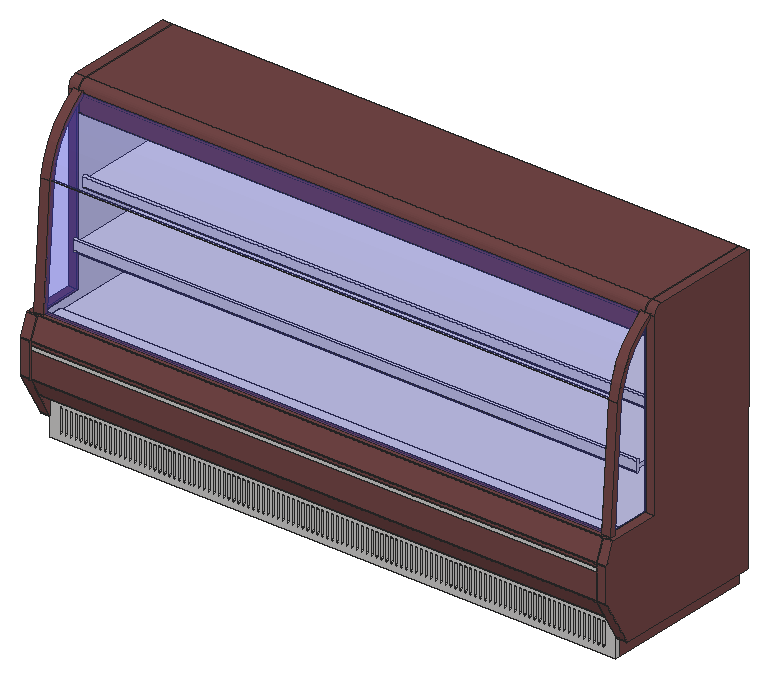
Revit family "QF_Turbo Air_TCDD-96-4-H", category Specialty Equipment, Revit 2014 (continued)
Dimensions and locks (in)
  aligned and locked: plane 13 "Door Left" to Extrusion 26 sketch curve
  aligned and locked: Extrusion 26 sketch curve to plane 17 "Door Top"
  aligned and locked: plane 18 "Door Bottom" to Extrusion 26 sketch curve
  aligned and locked: Extrusion 27 sketch curve to Extrusion 26  (x4)
  aligned and locked: Extrusion 28 sketch curve to plane 14 "Door Right"
  aligned and locked: Extrusion 28 sketch curve to plane 17 "Door Top"
  aligned and locked: plane 18 "Door Bottom" to Extrusion 28 sketch curve
  aligned and locked: Extrusion 29 sketch curve to Extrusion 28  (x4)
  aligned and locked: plane 3 "LEFT" to curve 2
  aligned and locked: plane 9 "BACK" to curve 1
  aligned and locked: curve 4 to plane 4 "RIGHT"
  aligned and locked: curve 3 to plane 5 "FRONT"
  aligned and locked: curve 5 to Extrusion 7
  aligned and locked: curve 7 to Extrusion 3
  aligned and locked: curve 8 to Extrusion 3
  aligned and locked: curve 13 to Extrusion 4
  aligned and locked: curve 14 to Extrusion 4
  aligned and locked: plane 8 "Inside Right" to cut or joined group of Extrusion 10, Extrusion 11
Automatic sketch dimensions
  Extrusion 7 sketch curve to Extrusion 7 sketch curve = 0' - 0"  (x3)
  Extrusion 7 sketch curve to plane 12 "TOP" = 0' - 0"
  Extrusion 7 sketch curve to plane 17 "Door Top" = 0' - 0"
  Extrusion 7 sketch curve to plane 18 "Door Bottom" = 0' - 0"
  Extrusion 7 sketch curve to plane 9 "BACK" = 0' - 0"  (x2)
  Extrusion 7 sketch curve to Extrusion 7 sketch curve = 0' - 2 3/8"
  Extrusion 7 sketch curve to plane 12 "TOP" = 0' - 0 3/4"
  plane 9 "BACK" to Extrusion 7 sketch curve = 0' - 2 3/8"
  Extrusion 7 sketch curve to Extrusion 7 sketch curve = 0' - 1.15244"
  Extrusion 7 sketch curve to Extrusion 7 sketch curve = 0' - 0.22256"
  Extrusion 7 sketch curve to plane 11 "Inside Bottom" = 0' - 6 13/16"
  Extrusion 7 sketch curve to plane 17 "Door Top" = 0' - 1 1/16"
  plane 9 "BACK" to Extrusion 9 sketch curve = 0' - 0 1/4"
  Extrusion 9 sketch curve to plane 8 "Inside Right" = 0' - 0 1/4"
  plane 7 "Inside Left" to Extrusion 9 sketch curve = 0' - 0 1/4"
  Extrusion 12 sketch curve to plane 17 "Door Top" = 0' - 0"
  Extrusion 12 sketch curve to plane 18 "Door Bottom" = 0' - 0"
  Extrusion 12 sketch curve to plane 9 "BACK" = 0' - 0"
  plane 9 "BACK" to Extrusion 12 sketch curve = 0' - 2 3/8"
  Extrusion 13 sketch curve to plane 17 "Door Top" = 0' - 0"
  Extrusion 13 sketch curve to plane 18 "Door Bottom" = 0' - 0"
  Extrusion 13 sketch curve to plane 9 "BACK" = 0' - 0"
  plane 9 "BACK" to Extrusion 13 sketch curve = 0' - 2 3/8"
  Extrusion 18 sketch curve to plane 11 "Inside Bottom" = 0' - 0"
  plane 9 "BACK" to Extrusion 18 sketch curve = 0' - 5 1/8"
  Extrusion 18 sketch curve to plane 12 "TOP" = 0' - 0 3/4"
  plane 9 "BACK" to Extrusion 18 sketch curve = 0' - 2 3/8"
  Extrusion 19 sketch curve to plane 11 "Inside Bottom" = 0' - 0"
  plane 9 "BACK" to Extrusion 19 sketch curve = 0' - 5 1/8"
  Extrusion 19 sketch curve to plane 12 "TOP" = 0' - 0 3/4"
  plane 9 "BACK" to Extrusion 19 sketch curve = 0' - 2 3/8"
  Extrusion 20 sketch curve to plane 18 "Door Bottom" = 0' - 0"
  Extrusion 20 sketch curve to plane 17 "Door Top" = 0' - 0"
  Extrusion 20 sketch curve to plane 11 "Inside Bottom" = 0' - 0"
  Extrusion 20 sketch curve to plane 12 "TOP" = 0' - 0 3/4"
  plane 9 "BACK" to Extrusion 20 sketch curve = 0' - 5 1/8"  (x2)
  plane 9 "BACK" to Extrusion 20 sketch curve = 0' - 2 3/8"  (x2)
  Extrusion 21 sketch curve to plane 12 "TOP" = 0' - 1 3/4"
  Extrusion 21 sketch curve to Extrusion 21 sketch curve = 0' - 0.22256"
  Extrusion 21 sketch curve to Extrusion 21 sketch curve = 0' - 1.15244"
  Extrusion 21 sketch curve to Extrusion 21 sketch curve = 0' - 0 1/8"
  plane 17 "Door Top" to Extrusion 21 sketch curve = 0' - 0 13/16"
  plane 9 "BACK" to Extrusion 21 sketch curve = 0' - 5 1/8"
  Extrusion 21 sketch curve to Extrusion 21 sketch curve = 0' - 0 1/4"
  Extrusion 22 sketch curve to plane 10 "Panel Lower" = 0' - 0"
  Extrusion 22 sketch curve to plane 11 "Inside Bottom" = 0' - 0"  (x3)
  Extrusion 22 sketch curve to plane 18 "Door Bottom" = 0' - 0 1/16"
  Extrusion 22 sketch curve to Extrusion 22 sketch curve = 0' - 0 1/16"  (x3)
  Extrusion 22 sketch curve to Extrusion 22 sketch curve = 0' - 3 13/16"
  plane 17 "Door Top" to Extrusion 22 sketch curve = 0' - 0 13/16"
  Extrusion 22 sketch curve to Extrusion 22 sketch curve = 0' - 1 1/2"  (x2)
  Extrusion 22 sketch curve to plane 18 "Door Bottom" = 0' - 0 3/8"  (x2)
  plane 9 "BACK" to Extrusion 22 sketch curve = 0' - 6 3/4"
  plane 9 "BACK" to Extrusion 22 sketch curve = 0' - 5 1/8"
  Extrusion 22 sketch curve to plane 17 "Door Top" = 0' - 1 1/16"
  Extrusion 22 sketch curve to plane 12 "TOP" = 0' - 1 3/4"
  Extrusion 23 sketch curve to plane 10 "Panel Lower" = 0' - 0"
  Extrusion 23 sketch curve to plane 11 "Inside Bottom" = 0' - 0"  (x3)
  Extrusion 23 sketch curve to plane 18 "Door Bottom" = 0' - 0 1/16"
  Extrusion 23 sketch curve to Extrusion 23 sketch curve = 0' - 0 1/16"  (x3)
  Extrusion 23 sketch curve to Extrusion 23 sketch curve = 0' - 3 13/16"
  plane 17 "Door Top" to Extrusion 23 sketch curve = 0' - 0 13/16"
  Extrusion 23 sketch curve to Extrusion 23 sketch curve = 0' - 1 1/2"  (x2)
  Extrusion 23 sketch curve to plane 18 "Door Bottom" = 0' - 0 3/8"  (x2)
  plane 9 "BACK" to Extrusion 23 sketch curve = 0' - 6 3/4"
  plane 9 "BACK" to Extrusion 23 sketch curve = 0' - 5 1/8"
  Extrusion 23 sketch curve to plane 17 "Door Top" = 0' - 1 1/16"
  Extrusion 23 sketch curve to plane 12 "TOP" = 0' - 1 3/4"
  Extrusion 24 sketch curve to plane 11 "Inside Bottom" = 0' - 0"  (x2)
  Extrusion 24 sketch curve to plane 18 "Door Bottom" = 0' - 0 3/8"  (x2)
  plane 9 "BACK" to Extrusion 24 sketch curve = 0' - 6 3/4"
  Extrusion 24 sketch curve to Extrusion 24 sketch curve = 0' - 0 1/16"
  Extrusion 24 sketch curve to Extrusion 24 sketch curve = 0' - 1 1/2"
  Extrusion 25 sketch curve to plane 15 "Lower Shelf" = 0' - 0"
  Extrusion 25 sketch curve to plane 16 "Upper Shelf" = 0' - 0"
  Extrusion 25 sketch curve to plane 15 "Lower Shelf" = 0' - 1"
  Extrusion 25 sketch curve to Extrusion 25 sketch curve = 0' - 0 3/16"  (x4)
  Extrusion 25 sketch curve to plane 16 "Upper Shelf" = 0' - 1"
  plane 9 "BACK" to Extrusion 25 sketch curve = 0' - 5 1/8"  (x2)
  Extrusion 25 sketch curve to plane 15 "Lower Shelf" = 0' - 0 5/8"
  plane 15 "Lower Shelf" to Extrusion 25 sketch curve = 0' - 0 9/16"
  Extrusion 25 sketch curve to Extrusion 25 sketch curve = 0' - 0 5/8"
  plane 16 "Upper Shelf" to Extrusion 25 sketch curve = 0' - 0 9/16"
  Extrusion 30 sketch curve to plane 9 "BACK" = 0' - 0"
  Extrusion 30 sketch curve to plane 1 "Handle Back" = 0' - 0"
  Extrusion 30 sketch curve to plane 15 "Lower Shelf" = 0' - 0 3/16"
  Extrusion 30 sketch curve to Extrusion 30 sketch curve = 0' - 0 1/2"  (x2)
  plane 16 "Upper Shelf" to Extrusion 30 sketch curve = 0' - 2 9/16"
  plane 9 "BACK" to Extrusion 31 sketch curve = 0' - 1 3/16"
  plane 1 "Handle Back" to Extrusion 31 sketch curve = 0' - 1 3/16"
  Extrusion 31 sketch curve to plane 15 "Lower Shelf" = 0' - 0 3/16"
  Extrusion 31 sketch curve to Extrusion 31 sketch curve = 0' - 0 1/2"  (x2)
  plane 16 "Upper Shelf" to Extrusion 31 sketch curve = 0' - 2 9/16"
  Extrusion 3 sketch curve to Extrusion 3 sketch curve = 0' - 0"  (x2)
  Extrusion 3 sketch curve to plane 10 "Panel Lower" = 0' - 0"
  Extrusion 3 sketch curve to plane 12 "TOP" = 0' - 1 1/2"
  Extrusion 3 sketch curve to Extrusion 3 sketch curve = 0' - 1 1/2"
  plane 16 "Upper Shelf" to Extrusion 3 sketch curve = 0' - 1.32232"
  plane 9 "BACK" to Extrusion 3 sketch curve = 0' - 11.60339"
  plane 16 "Upper Shelf" to Extrusion 3 sketch curve = 0' - 3.13679"
  Extrusion 3 sketch curve to Extrusion 3 sketch curve = 0' - 0.07019"
  Extrusion 3 sketch curve to Extrusion 3 sketch curve = 0' - 0.68933"
  Extrusion 4 sketch curve to Extrusion 4 sketch curve = 0' - 0"  (x2)
  Extrusion 4 sketch curve to plane 10 "Panel Lower" = 0' - 0"
  Extrusion 4 sketch curve to plane 12 "TOP" = 0' - 1 1/2"
  Extrusion 4 sketch curve to Extrusion 4 sketch curve = 0' - 1 1/2"
  plane 16 "Upper Shelf" to Extrusion 4 sketch curve = 0' - 1.32232"
  plane 9 "BACK" to Extrusion 4 sketch curve = 0' - 11.60339"
  plane 16 "Upper Shelf" to Extrusion 4 sketch curve = 0' - 3.13679"
  Extrusion 4 sketch curve to Extrusion 4 sketch curve = 0' - 0.07019"
  Extrusion 4 sketch curve to Extrusion 4 sketch curve = 0' - 0.68933"
  Extrusion 14 sketch curve to Extrusion 14 sketch curve = 0' - 0"  (x2)
  plane 17 "Door Top" to Extrusion 14 sketch curve = 0' - 1.6501"
  Extrusion 14 sketch curve to Extrusion 14 sketch curve = 0' - 1 1/2"
  plane 16 "Upper Shelf" to Extrusion 14 sketch curve = 0' - 1.32232"
  plane 1 "Handle Back" to Extrusion 14 sketch curve = 1' - 0.35339"
  Extrusion 14 sketch curve to Extrusion 14 sketch curve = 0' - 0.0383"
  Extrusion 14 sketch curve to Extrusion 14 sketch curve = 0' - 0.4124"
  plane 10 "Panel Lower" to Extrusion 14 sketch curve = 0' - 0"
  Extrusion 14 sketch curve to Extrusion 14 sketch curve = 0' - 0.376"
  Extrusion 5 sketch curve to plane 10 "Panel Lower" = 0' - 0"
  plane 16 "Upper Shelf" to Extrusion 5 sketch curve = 0' - 1.32232"
  plane 16 "Upper Shelf" to Extrusion 5 sketch curve = 0' - 3.13679"
  plane 17 "Door Top" to Extrusion 5 sketch curve = 0' - 1 1/2"
  Extrusion 6 sketch curve to plane 10 "Panel Lower" = 0' - 0"
  plane 16 "Upper Shelf" to Extrusion 6 sketch curve = 0' - 1.32232"
  plane 16 "Upper Shelf" to Extrusion 6 sketch curve = 0' - 3.13679"
  plane 17 "Door Top" to Extrusion 6 sketch curve = 0' - 1 1/2"
  Extrusion 1 sketch curve to plane 5 "FRONT" = 0' - 0"
  Extrusion 1 sketch curve to plane 10 "Panel Lower" = 0' - 0"
  Extrusion 1 sketch curve to plane 20 "Panel Bottom" = 0' - 0"
  Extrusion 1 sketch curve to plane 12 "TOP" = 0' - 0"
  Extrusion 1 sketch curve to plane 9 "BACK" = 0' - 0"
  Extrusion 1 sketch curve to plane 5 "FRONT" = 0' - 0.03201"
  Extrusion 1 sketch curve to plane 5 "FRONT" = 0' - 0.05024"
  Extrusion 1 sketch curve to Extrusion 1 sketch curve = 0' - 0.32476"
  Extrusion 1 sketch curve to plane 10 "Panel Lower" = 0' - 0.03723"
  Extrusion 1 sketch curve to plane 5 "FRONT" = 0' - 1.42104"
  Extrusion 1 sketch curve to plane 10 "Panel Lower" = 0' - 0 1/16"
  Extrusion 1 sketch curve to plane 12 "TOP" = 0' - 1 1/2"
  plane 9 "BACK" to Extrusion 1 sketch curve = 0' - 0 3/8"
  plane 20 "Panel Bottom" to Extrusion 1 sketch curve = 0' - 0 3/16"
  Extrusion 1 sketch curve to plane 11 "Inside Bottom" = 0' - 1.20658"
  Extrusion 1 sketch curve to Extrusion 1 sketch curve = 0' - 0.1516"
  Extrusion 1 sketch curve to Extrusion 1 sketch curve = 0' - 5.64422"
  Extrusion 2 sketch curve to plane 5 "FRONT" = 0' - 0"
  Extrusion 2 sketch curve to plane 10 "Panel Lower" = 0' - 0"
  Extrusion 2 sketch curve to plane 20 "Panel Bottom" = 0' - 0"
  Extrusion 2 sketch curve to plane 12 "TOP" = 0' - 0"
  Extrusion 2 sketch curve to plane 9 "BACK" = 0' - 0"
  Extrusion 2 sketch curve to plane 5 "FRONT" = 0' - 0.03201"
  Extrusion 2 sketch curve to plane 5 "FRONT" = 0' - 0.05024"
  Extrusion 2 sketch curve to Extrusion 2 sketch curve = 0' - 0.34299"
  Extrusion 2 sketch curve to Extrusion 2 sketch curve = 0' - 0.32476"  (x2)
  Extrusion 2 sketch curve to plane 10 "Panel Lower" = 0' - 0.03723"
  Extrusion 2 sketch curve to plane 5 "FRONT" = 0' - 1.42104"
  Extrusion 2 sketch curve to Extrusion 2 sketch curve = 0' - 0.05717"
  Extrusion 2 sketch curve to plane 12 "TOP" = 0' - 1 1/2"
  plane 9 "BACK" to Extrusion 2 sketch curve = 0' - 0 3/8"
  plane 20 "Panel Bottom" to Extrusion 2 sketch curve = 0' - 0 3/16"
  Extrusion 2 sketch curve to plane 11 "Inside Bottom" = 0' - 6.8508"
  Extrusion 2 sketch curve to plane 11 "Inside Bottom" = 0' - 1.20658"
  Extrusion 15 sketch curve to plane 10 "Panel Lower" = 0' - 0"
  Extrusion 15 sketch curve to Extrusion 15 sketch curve = 0' - 2"
  Extrusion 15 sketch curve to Extrusion 15 sketch curve = 0' - 0.30283"
  Extrusion 15 sketch curve to Extrusion 15 sketch curve = 0' - 0.10825"
  Extrusion 15 sketch curve to plane 10 "Panel Lower" = 0' - 0 3/8"
  Extrusion 15 sketch curve to Extrusion 15 sketch curve = 0' - 1.29074"
  Extrusion 15 sketch curve to Extrusion 15 sketch curve = 0' - 0.16283"
  Extrusion 15 sketch curve to plane 10 "Panel Lower" = 0' - 0.07447"
  Extrusion 15 sketch curve to Extrusion 15 sketch curve = 0' - 0.11433"
  Extrusion 15 sketch curve to Extrusion 15 sketch curve = 0' - 1.02452"
  Extrusion 15 sketch curve to plane 5 "FRONT" = 0' - 0 7/16"  (x2)
  Extrusion 15 sketch curve to plane 5 "FRONT" = 0' - 0 3/16"
  Extrusion 15 sketch curve to plane 5 "FRONT" = 0' - 0.07925"
  Extrusion 15 sketch curve to plane 5 "FRONT" = 0' - 0.07317"
  Extrusion 15 sketch curve to plane 5 "FRONT" = 0' - 0 1/16"  (x2)
  Extrusion 15 sketch curve to plane 11 "Inside Bottom" = 0' - 1.11646"
  Extrusion 15 sketch curve to Extrusion 15 sketch curve = 0' - 0.05053"
  Extrusion 15 sketch curve to Extrusion 15 sketch curve = 0' - 0.05278"
  Extrusion 15 sketch curve to Extrusion 15 sketch curve = 0' - 0.48332"
  Extrusion 15 sketch curve to Extrusion 15 sketch curve = 0' - 0 11/16"
  Extrusion 15 sketch curve to Extrusion 15 sketch curve = 0' - 4.27452"
  Extrusion 15 sketch curve to Extrusion 15 sketch curve = 0' - 0.06699"
  Extrusion 15 sketch curve to Extrusion 15 sketch curve = 0' - 1.36482"
  Extrusion 15 sketch curve to Extrusion 15 sketch curve = 0' - 0 3/8"
  Extrusion 15 sketch curve to Extrusion 15 sketch curve = 0' - 1 3/8"
  Extrusion 15 sketch curve to Extrusion 15 sketch curve = 0' - 0 1/16"
  Extrusion 16 sketch curve to plane 5 "FRONT" = 0' - 0 1/16"
  Extrusion 16 sketch curve to Extrusion 16 sketch curve = 0' - 0 3/8"
  Extrusion 16 sketch curve to plane 11 "Inside Bottom" = 0' - 2.3281"
  Extrusion 16 sketch curve to Extrusion 16 sketch curve = 0' - 0 9/16"
  Extrusion 17 sketch curve to plane 11 "Inside Bottom" = 0' - 0"
  Extrusion 17 sketch curve to plane 10 "Panel Lower" = 0' - 0 3/8"
  Extrusion 17 sketch curve to Extrusion 17 sketch curve = 0' - 1.29074"
  Extrusion 17 sketch curve to plane 5 "FRONT" = 0' - 1.22548"
  Extrusion 17 sketch curve to plane 5 "FRONT" = 0' - 0 7/16"
  Extrusion 17 sketch curve to plane 18 "Door Bottom" = 0' - 0 1/16"
  plane 9 "BACK" to Extrusion 17 sketch curve = 0' - 2 3/8"
  Extrusion 17 sketch curve to plane 11 "Inside Bottom" = 0' - 1.21978"
  Extrusion 17 sketch curve to plane 11 "Inside Bottom" = 0' - 2 15/16"
  Extrusion 17 sketch curve to Extrusion 17 sketch curve = 0' - 3.72762"
  Extrusion 17 sketch curve to Extrusion 17 sketch curve = 0' - 1.36482"
  Extrusion 1 sketch curve to plane 5 "FRONT" = 0' - 4.14175"
  plane 20 "Panel Bottom" to Extrusion 1 sketch curve = 0' - 0 3/8"
  Extrusion 1 sketch curve to Extrusion 1 sketch curve = 0' - 8.52179"
  Extrusion 2 sketch curve to plane 5 "FRONT" = 0' - 4.14175"
  Extrusion 2 sketch curve to Extrusion 2 sketch curve = 0' - 8.52179"
  Extrusion 3 sketch curve to plane 5 "FRONT" = 0' - 11 1/2"
  Extrusion 3 sketch curve to plane 5 "FRONT" = 0' - 4.01686"
  Extrusion 3 sketch curve to Extrusion 3 sketch curve = 0' - 0.68421"
  Extrusion 3 sketch curve to plane 5 "FRONT" = 0' - 2 5/8"
  Extrusion 4 sketch curve to plane 5 "FRONT" = 0' - 11 1/2"
  Extrusion 4 sketch curve to plane 5 "FRONT" = 0' - 4.01686"
  Extrusion 4 sketch curve to Extrusion 4 sketch curve = 0' - 0.68421"
  Extrusion 4 sketch curve to plane 5 "FRONT" = 0' - 2 5/8"
  Extrusion 5 sketch curve to plane 5 "FRONT" = 0' - 2 5/8"
  Extrusion 5 sketch curve to plane 5 "FRONT" = 0' - 4.01686"
  Extrusion 5 sketch curve to Extrusion 5 sketch curve = 0' - 5.98314"
  Extrusion 6 sketch curve to plane 5 "FRONT" = 0' - 2 5/8"
  Extrusion 6 sketch curve to plane 5 "FRONT" = 0' - 4.01686"
  Extrusion 6 sketch curve to Extrusion 6 sketch curve = 0' - 5.98314"
  Extrusion 7 sketch curve to plane 5 "FRONT" = 0' - 11 1/2"
  Extrusion 8 sketch curve to plane 5 "FRONT" = 0' - 4 7/8"
  Extrusion 8 sketch curve to Extrusion 8 sketch curve = 0' - 0 1/4"
  Extrusion 9 sketch curve to plane 5 "FRONT" = 0' - 4 7/8"
  Extrusion 14 sketch curve to plane 5 "FRONT" = 0' - 11 1/2"
  plane 16 "Upper Shelf" to Extrusion 14 sketch curve = 0' - 3.14958"
  Extrusion 14 sketch curve to Extrusion 14 sketch curve = 0' - 0.3732"
  Extrusion 14 sketch curve to plane 5 "FRONT" = 0' - 2.49967"
  Extrusion 15 sketch curve to plane 5 "FRONT" = 0' - 1.22548"
  Extrusion 15 sketch curve to plane 5 "FRONT" = 0' - 1.47292"
  Extrusion 17 sketch curve to plane 5 "FRONT" = 0' - 1.75008"
  Extrusion 17 sketch curve to Extrusion 17 sketch curve = 0' - 3.02452"
  Extrusion 17 sketch curve to Extrusion 17 sketch curve = 0' - 3.08417"
  Extrusion 21 sketch curve to plane 5 "FRONT" = 0' - 11 5/8"
  Extrusion 22 sketch curve to plane 5 "FRONT" = 0' - 11 5/8"
  Extrusion 22 sketch curve to plane 5 "FRONT" = 0' - 3.04083"
  Extrusion 23 sketch curve to plane 5 "FRONT" = 0' - 11 5/8"
  Extrusion 23 sketch curve to plane 5 "FRONT" = 0' - 3.04083"
  Extrusion 24 sketch curve to plane 5 "FRONT" = 0' - 6 3/16"
  Extrusion 25 sketch curve to plane 5 "FRONT" = 0' - 11"
  Extrusion 25 sketch curve to Extrusion 25 sketch curve = 0' - 1 5/8"
  Extrusion 32 sketch curve to plane 5 "FRONT" = 0' - 6 3/16"  (x2)
  Extrusion 10 sketch curve to plane 8 "Inside Right" = 0' - 0"
  plane 20 "Panel Bottom" to Extrusion 10 sketch curve = 0' - 5 7/16"
  curve 11 to plane 7 "Inside Left" = 0' - 0"
  plane 1 "Handle Back" to curve 19 = 0' - 0"
  curve 17 to plane 8 "Inside Right" = 0' - 0"
  curve 16 to plane 8 "Inside Right" = 0' - 0"
  curve 19 to plane 14 "Door Right" = 0' - 1"
  curve 18 to curve 19 = 0' - 0 1/4"
  curve 15 to plane 5 "FRONT" = 0' - 1.93234"
  curve 10 to plane 5 "FRONT" = 0' - 1.93234"
  curve 6 to plane 21 "Bottom Front" = 0' - 5.39978"
  curve 13 to plane 21 "Bottom Front" = 0' - 5.39978"
  curve 13 to curve 24 = 0' - 0.25188"
  plane 21 "Bottom Front" to curve 23 = 0' - 1.10575"
  curve 22 to curve 12 = 0' - 0.07996"
  curve 21 to curve 12 = 0' - 0.07996"
  curve 9 to curve 6 = 0' - 0.07996"
  Extrusion 11 sketch curve to plane 19 "CENTER LR" = 0' - 0"
  Extrusion 11 sketch curve to Extrusion 11 sketch curve = 0' - 0 3/16"  (x111)
  Extrusion 11 sketch curve to Extrusion 11 sketch curve = 0' - 0 7/16"  (x110)
  plane 6 "Bottom" to Extrusion 11 sketch curve = 0' - 1 1/4"  (x2)
  Extrusion 11 sketch curve to Extrusion 11 sketch curve = 0' - 0"  (x218)
  plane 20 "Panel Bottom" to Extrusion 11 sketch curve = 0' - 2"  (x2)
  radius of Extrusion 32 sketch curve = 0' - 0 9/16"  (x4)
  radius of Extrusion 33 sketch curve = 0' - 0 1/4"
Connectors (in)
  electrical at (31.68427, -4.9375, 6), driven by "Number of Poles", driven by "Volts", driven by "Apparent Power"
    settings: on Extrusion 33, index 1, voltage 115 V, apparent load 1265 VA, apparent load phase1 0 VA, apparent load phase2 0 VA, apparent load phase3 0 VA, power factor 1, load classification "Other", number of poles 1, system type 30, power factor state 1, is connector primary yes, connector utility no, sub classification motor no, connector description "Electric"
